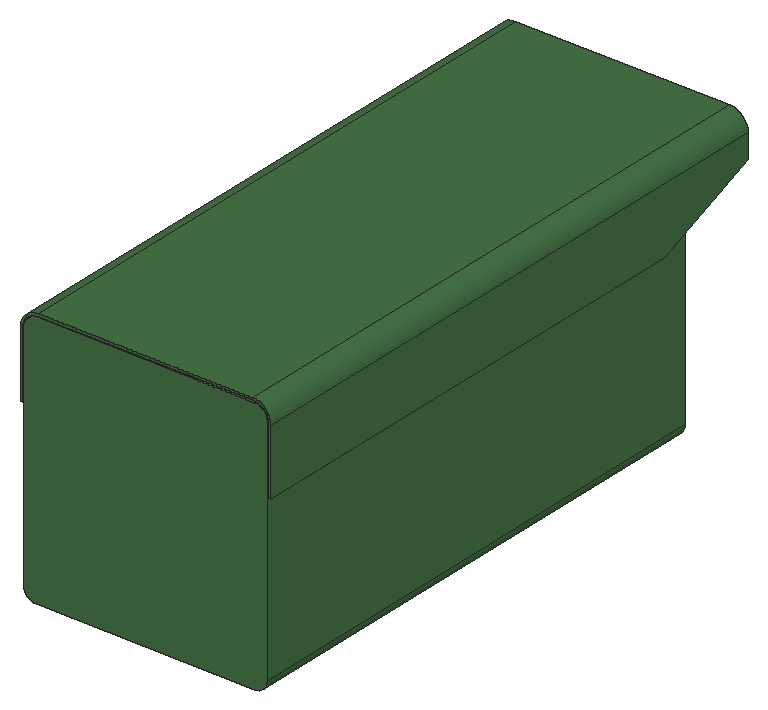
Revit family "SDP-8615М_RV17_LOD400", category Оборудование, Revit 2017
Family settings
  Размер круглого соединителя = Использовать диаметр
  Тип детали = Нормальный
  На основе рабочей плоскости = Нет
  Всегда вертикально = Нет
  При загрузке вырезать с полостями = Нет
  Общий = Нет
  Точка расчета площади = Нет
Parameters (values of type "SDP-8615М тепловизор")
  Частота кадров, Гц = 25
  Фокусное расстояние, мм = "150F1"
  Управление режимами = "Палитра (черно–белая, черно–белая инвертированная)"
  Стандарт сжатия = "H.264"
  Спектральный диапазон, мкм = "8-14"
  Смещение_УГО_Y [instance] = 0 mm
  Смещение_УГО_X [instance] = 0 mm
  Ресурс матрицы, ч = 25000
  Расстояние распознавания цели типа  «человека», до, м = 3000 mm
  Расстояние распознавания цели типа  «автомобиль», до, м = 5300 mm
  Расстояние обнаружения цели типа «человека», до, м = 4000 mm
  Расстояние обнаружения цели типа «автомобиль», до, м = 7900 mm
  Разрешение видеоизображения = "640х480"
  Размер пикселей, мкм = 25
  Раздел проекта [instance] = ""
  Раздел Спецификации [instance] = ""
  Пороговая чувствительность к перепаду температур,С = 0.1
  Поле зрения,  = "13,7х10,3"
  Отклонение оттенков цвета от фактического значения,С = "±1"
  Оптика = "Линза из кристаллического германия с просветляющими покрытиями"
  Объектив = "Моторизованный"
  Напряжение = "12"
  Мощность = "9.5"
  Минимальное фокусное расстояние, м = 1
  Минимальное расстояние наблюдения, м = 50
  Количество допустимых битых пикселей, до, % = 1
  Интерфейс управления = "10BaseT/100BaseTХ Ethernet (RJ-45)"
  Детектор = "Неохлаждаемая микроболометрическая матрица"
  Время установления рабочего режима, не более, мин = 5
  Время непрерывной работы, не менее, ч = 2900
  Визимость_УГО [instance] = yes
  Видимость зоны обнаружения [instance] = yes
  В_Смещение_УГО_Y [instance] = Смещение_УГО_Y + 2000 mm  # 2000 mm
  В_Смещение_УГО_X [instance] = Смещение_УГО_X + 2000 mm  # 2000 mm
  d_короба = 0 mm
  ADSK_Размер_Ширина = 210 mm
  ADSK_Размер_Длина = 480 mm
  ADSK_Размер_Глубина = 202 mm
  ADSK_Примечание = ""
  ADSK_Наименование = "Тепловизор SDP-8615М"
  ADSK_Масса = 10
  ADSK_Марка = "СТВФ.426459.162"
  ADSK_Количество = 1
  ADSK_Завод-изготовитель = "ООО «Основа Безопасности»"  # constant formula
  ADSK_Единица измерения = "шт."  # constant formula
  ADSK_URL страницы изделия = "https://stilsoft.ru/products/sdp-8615m"
  ADSK_URL документации изделия = ""
Reference planes
  plane 1 "По центру (Вперед/Назад)": y = 0
  plane 2: z = 0
  plane 3 "По центру (Влево/Вправо)": x = 0
  plane 4: y = 2000
  plane 5: x = -2000
  plane 6: x = 0
  plane 7: y = 0
  plane 8 "1": y = -80
  plane 9: z = 210
  plane 10: z = 207
  plane 11: z = 103.5
Forms (mm)
  Extrusion 1, solid, material "корпус", detail levels medium+fine
    sketch origin (0, -80, 0) x (1, 0, 0) y (0, 0, 1)
      loop
        arc (-88, 207) -> (-95.071, 204.071) -> (-98, 197) r 10
        line (-98, 197) -> (-98, 10)
        arc (-98, 10) -> (-95.071, 2.929) -> (-88, 0) r 10
        line (-88, 0) -> (88, 0)
        arc (88, 0) -> (95.071, 2.929) -> (98, 10) r 10
        line (98, 10) -> (98, 197)
        arc (98, 197) -> (95.071, 204.071) -> (88, 207) r 10
        line (88, 207) -> (-88, 207)
    from 0 to -420
  Extrusion 2, solid, material "корпус", detail levels medium+fine
    sketch origin (0, -80, 0) x (1, 0, 0) y (0, 0, 1)
      loop
        line (-101, 142) -> (-99, 142) -> (-99, 195)
        arc (-99, 195) -> (-95.192, 204.192) -> (-86, 208) r 13
        line (-86, 208) -> (86, 208)
        arc (86, 208) -> (95.192, 204.192) -> (99, 195) r 13
        line (99, 195) -> (99, 142) -> (101, 142) -> (101, 195)
        arc (101, 195) -> (96.607, 205.607) -> (86, 210) r 15
        line (86, 210) -> (-86, 210)
        arc (-86, 210) -> (-96.607, 205.607) -> (-101, 195) r 15
        line (-101, 195) -> (-101, 142)
    from 0 to -480
  Extrusion 3, solid, material "пластик", detail levels medium+fine
    sketch origin (0, -80, 0) x (1, 0, 0) y (0, 0, 1)
      loop
        circle (0, 103.5) r 80
      loop
        circle (0, 103.5) r 70
    from -415 to -440
  Extrusion 4, void
    sketch origin (0, -80, 0) x (1, 0, 0) y (0, 0, 1)
      loop
        circle (0, 103.5) r 70
    from -415 to -420
  Revolve 5, solid, material "Стекло", detail levels medium+fine
    sketch origin (0, 0, 0) x (0, 1, 0) y (0, 0, 1)
      loop
        line (335, 103.5) -> (345, 103.5)
        arc (345, 103.5) -> (343.301, 138.718) -> (337.52, 173.5) r 302.767
        line (337.52, 173.5) -> (335, 173.5) -> (335, 103.5)
      axis (335, 103.5) -> (345, 103.5)
    angle from 0 to 360
  Extrusion 6, void
    sketch origin (-101, 0, 0) x (0, -1, 0) y (0, 0, 1)
      loop
        line (-317.4, 142.96) -> (-400, 176) -> (-410, 176) -> (-410, 136) -> (-317.4, 136) -> (-317.4, 142.96)
    from 0 to -3
  Extrusion 7, void
    sketch origin (101, 0, 0) x (0, -1, 0) y (0, 0, -1)
      loop
        line (-317.4, -142.96) -> (-317.4, -136) -> (-410, -136) -> (-410, -176) -> (-400, -176) -> (-317.4, -142.96)
    from 0 to -3
Cuts and joins
  Extrusion 4, Extrusion 7 cuts Extrusion 1
  Extrusion 4 cuts Extrusion 3
  Extrusion 6, Extrusion 7 cuts Extrusion 2
Dimensions and locks
  locked: plane 4 to plane 1 "По центру (Вперед/Назад)" at 2000
  locked: plane 5 to plane 3 "По центру (Влево/Вправо)" at 2000
  "В_Смещение_УГО_X": plane 5 to plane 6
  "В_Смещение_УГО_Y": plane 4 to plane 7
  aligned and locked: level to plane 2
  aligned and locked: nested 1 to plane 7
  aligned and locked: plane 6 to nested 1
Automatic sketch dimensions
  Extrusion 1 sketch curve to level = 0 mm
  Extrusion 1 sketch curve to plane 10 = 0 mm
  Extrusion 1 sketch curve to Extrusion 1 sketch curve = 10 mm  (x2)
  Extrusion 2 sketch curve to Extrusion 2 sketch curve = 0 mm  (x6)
  Extrusion 2 sketch curve to plane 9 = 0 mm
  plane 11 to Extrusion 2 sketch curve = 38.5 mm  (x2)
  Extrusion 3 sketch curve to Extrusion 3 sketch curve = 0 mm  (x2)
  Extrusion 3 sketch curve to plane 3 "По центру (Влево/Вправо)" = 0 mm
  Extrusion 3 sketch curve to plane 11 = 0 mm
  Extrusion 4 sketch curve to plane 3 "По центру (Влево/Вправо)" = 0 mm
  Extrusion 4 sketch curve to plane 11 = 0 mm
  Revolve 5 sketch curve to plane 11 = 0 mm  (x2)
  plane 11 to Revolve 5 sketch curve = 3.049 mm
  Revolve 5 sketch curve to plane 1 "По центру (Вперед/Назад)" = 42.249 mm
  Revolve 5 sketch curve to Revolve 5 sketch curve = 2.52 mm
  Revolve 5 sketch curve to Revolve 5 sketch curve = 10 mm
  Revolve 5 sketch curve to Revolve 5 sketch curve = 0 mm  (x2)
  plane 11 to Extrusion 6 sketch curve = 39.46 mm
  plane 11 to Extrusion 6 sketch curve = 32.5 mm
  plane 10 to Extrusion 6 sketch curve = 31 mm
  plane 11 to Extrusion 7 sketch curve = 39.46 mm
  plane 10 to Extrusion 7 sketch curve = 31 mm
  Extrusion 7 sketch curve to Extrusion 7 sketch curve = 6.96 mm
  plane 10 to Extrusion 1 sketch curve = 10 mm
  Extrusion 1 sketch curve to plane 3 "По центру (Влево/Вправо)" = 88 mm
  plane 10 to Extrusion 2 sketch curve = 12 mm
  Extrusion 2 sketch curve to plane 3 "По центру (Влево/Вправо)" = 86 mm
  Extrusion 2 sketch curve to Extrusion 2 sketch curve = 2 mm
  Revolve 5 sketch curve to Revolve 5 sketch curve = 292.751 mm
  Extrusion 6 sketch curve to plane 1 "По центру (Вперед/Назад)" = 410 mm
  Extrusion 6 sketch curve to Extrusion 6 sketch curve = 10 mm
  Extrusion 6 sketch curve to Extrusion 6 sketch curve = 82.6 mm
  Extrusion 7 sketch curve to plane 1 "По центру (Вперед/Назад)" = 410 mm
  Extrusion 7 sketch curve to Extrusion 7 sketch curve = 10 mm
  Extrusion 7 sketch curve to Extrusion 7 sketch curve = 82.6 mm
  plane 3 "По центру (Влево/Вправо)" to Extrusion 1 sketch curve = 88 mm  (x2)
  plane 3 "По центру (Влево/Вправо)" to Extrusion 2 sketch curve = 86 mm
  Extrusion 2 sketch curve to Extrusion 2 sketch curve = 13 mm
  radius of Extrusion 3 sketch curve = 80 mm
  radius of Extrusion 3 sketch curve = 70 mm
  radius of Extrusion 4 sketch curve = 70 mm
Nested families
  nested 1: "УГО_уличная камера" at (0, 0, 0), visible <- "Визимость_УГО", type "УГО_камера", detail levels coarse
  nested 2: "Зона действия обнаружения" at (3.641, 345.012, 106.083) x (-1, 0.0038, 0) z (0.0038, 1, 0.0027), visible <- "Видимость зоны обнаружения", type "Зона действия обнаужения", detail levels medium+fine
    with Угол по горизонтали 13.70°, Угол по вертикали 10.30°, В_Угол по горизонтали 13.70°, L2 5919.614 mm, L1 100 mm, L 5919.614 mm, Hv1 18.063 mm, Hv 1069.262 mm, Hg1 24.026 mm, H 1069.262 mm, D 1422.222 mm
Connectors
  electrical at (0, -80, 103.5)
    settings: on cut or joined group of Extrusion 1, Extrusion 4, Extrusion 7, index 1, voltage 0 V, apparent load 0 VA, apparent load phase1 0 VA, apparent load phase2 0 VA, apparent load phase3 0 VA, power factor 1, load classification "Прочее", number of poles 1, system type 31, power factor state 1, is connector primary yes, connector utility no, sub classification motor no, connector description ""
  cabletrayconduit at (0, -80, 103.5), driven by "d_короба"
    settings: on cut or joined group of Extrusion 1, Extrusion 4, Extrusion 7, index 2, connector width 300 mm, connector height 300 mm, connector diameter 0 mm, connector angle 0.00°, system type 32, placement type 0, profile type 0, connector reference index -1, is primary connector yes, connector utility param no, connector description ""
Definition of nested family "УГО_уличная камера"
  Reference planes
    plane 1: y = 0
    plane 2: x = 0
  Lines and regions (mm)
    detail lines
      curve 1: line (4, -1.181, 0) -> (-3.962, -1.181, 0)
      curve 2: line (4, -16.181, 0) -> (4, -1.181, 0)
      curve 3: line (-3.962, -16.181, 0) -> (4, -16.181, 0)
      curve 4: line (-3.962, -1.181, 0) -> (-3.962, -16.181, 0)
      curve 5: line (0.019, -16.181, 0) -> (4.079, -20.241, 0)
      curve 6: line (4.079, -20.241, 0) -> (-3.962, -20.241, 0)
      curve 7: line (-3.962, -20.241, 0) -> (0.098, -16.181, 0)
      curve 8: line (-5, 0, 0) -> (5, 0, 0)
      curve 9: line (5, 0, 0) -> (5, -16.181, 0)
      curve 10: line (-5, 0, 0) -> (-5, -16.181, 0)
    detail lines, not visible
      curve 11: line (4, -1.181, 0) -> (-3.962, -1.181, 0)
      curve 12: line (4, -16.181, 0) -> (4, -1.181, 0)
      curve 13: line (-3.962, -16.181, 0) -> (4, -16.181, 0)
      curve 14: line (-3.962, -1.181, 0) -> (-3.962, -16.181, 0)
      curve 15: line (0.019, -16.181, 0) -> (4.079, -20.241, 0)
      curve 16: line (4.079, -20.241, 0) -> (-3.962, -20.241, 0)
      curve 17: line (-3.962, -20.241, 0) -> (0.098, -16.181, 0)
      curve 18: line (-5, 0, 0) -> (5, 0, 0)
      curve 19: line (5, 0, 0) -> (5, -16.181, 0)
      curve 20: line (-5, 0, 0) -> (-5, -16.181, 0)
Definition of nested family "Зона действия обнаружения"
  Parameters (values of type "Зона действия обнаужения")
    Угол по горизонтали [instance] = 13.70°
    Угол по вертикали [instance] = ((Угол по горизонтали - Ug_min) * (Uv_max - Uv_min)) / (Ug_max - Ug_min) + Uv_min  # 10.30°
    Default Elevation = 1219.2 mm
    М_ш = 7.2 mm  # constant formula
    В_Угол по горизонтали [instance] = if(and(Угол по горизонтали > 8.49°, not(Угол по горизонтали > 13.70°)), Угол по горизонтали, 1.00°)  # 13.70°
    Uv_min = 6.00°  # constant formula
    Uv_max = 10.30°  # constant formula
    Ug_min = 8.49°  # constant formula
    Ug_max = 13.70°  # constant formula
    Rv = 480  # constant formula
    R = 640  # constant formula
    L2 [instance] = D / 2 / tan(Угол по горизонтали / 2)  # 5919.614 mm
    L1 [instance] = 100 mm
    L [instance] = L2  # 5919.614 mm
    K = 450
    Hv1 [instance] = L1 / L2 * Hv  # 18.063 mm
    Hv [instance] = D * Угол по вертикали / Угол по горизонтали  # 1069.262 mm
    Hg1 [instance] = L1 / L2 * D  # 24.026 mm
    H [instance] = Hv  # 1069.262 mm
    F_min = 150 mm  # constant formula
    F_max = 150 mm  # constant formula
    F = 150 mm
    D [instance] = R / K * 1000 mm  # 1422.222 mm
  Reference planes
    plane 1 "По центру (Вперед/Назад)": y = 0
    plane 2: z = 0
    plane 3 "По центру (Влево/Вправо)": x = 0
    plane 4 "L1": z = 100
  Forms (mm)
    Blend 1, void, detail levels medium+fine
      base sketch origin (0, 0, 0) x (1, 0, 0) y (0, 1, 0)
        loop
          line (-12.013, 9.032) -> (-12.013, -9.032) -> (12.013, -9.032) -> (12.013, 9.032) -> (-12.013, 9.032)
      top sketch origin (0, 0, 0) x (1, 0, 0) y (0, 1, 0)
        loop
          line (-711.111, 534.631) -> (-711.111, -534.631) -> (711.111, -534.631) -> (711.111, 534.631) -> (-711.111, 534.631)
      from 100 to 5919.614
  Lines and regions (mm)
    model lines, detail levels medium+fine
      curve 1: line (711.111, 534.631, 5919.614) -> (-711.111, 534.631, 5919.614)
      curve 2: line (-711.111, 534.631, 5919.614) -> (-711.111, -534.631, 5919.614)
      curve 3: line (-711.111, -534.631, 5919.614) -> (711.111, -534.631, 5919.614)
      curve 4: line (711.111, -534.631, 5919.614) -> (711.111, 534.631, 5919.614)
      curve 5: line (-711.111, -534.631, 5919.614) -> (-12.013, -9.032, 100)
      curve 7: line (-12.013, 9.032, 100) -> (-711.111, 534.631, 5919.614)
      curve 8: line (711.111, 534.631, 5919.614) -> (12.013, 9.032, 100)
      curve 10: line (12.013, -9.032, 100) -> (711.111, -534.631, 5919.614)
    model lines
      curve 6: line (-12.013, -9.032, 100) -> (-12.013, 9.032, 100)
      curve 9: line (12.013, 9.032, 100) -> (12.013, -9.032, 100)
  Dimensions and locks
    "L1": plane 4 "L1" to level
    equal spacing: Blend 1 sketch curve, plane 3 "По центру (Влево/Вправо)", Blend 1 sketch curve  (x2)
    equal spacing: Blend 1 sketch curve, plane 1 "По центру (Вперед/Назад)", Blend 1 sketch curve  (x2)
    "H": Blend 1 sketch curve to Blend 1 sketch curve
    "D": Blend 1 sketch curve to Blend 1 sketch curve
    "Hg1": Blend 1 sketch curve to Blend 1 sketch curve
    "Hv1": Blend 1 sketch curve to Blend 1 sketch curve
    "L": Blend 1 to plane 2
    aligned and locked: level to plane 2
    aligned and locked: Blend 1 to curve 1
    aligned and locked: Blend 1 to curve 3
    aligned and locked: Blend 1 to curve 2
    aligned and locked: Blend 1 to curve 4
  Automatic sketch dimensions
    curve 1 to Blend 1 = 0 mm  (x2)
    curve 3 to Blend 1 = 0 mm
    curve 2 to Blend 1 = 0 mm
    Blend 1 to curve 5 = 0 mm
    curve 5 to Blend 1 = 0 mm  (x3)
    Blend 1 to curve 7 = 0 mm
    curve 7 to Blend 1 = 0 mm  (x2)
    curve 8 to Blend 1 = 0 mm  (x2)
    curve 10 to Blend 1 = 0 mm  (x3)
    curve 9 to Blend 1 = 0 mm
    Blend 1 to curve 8 = 0 mm
